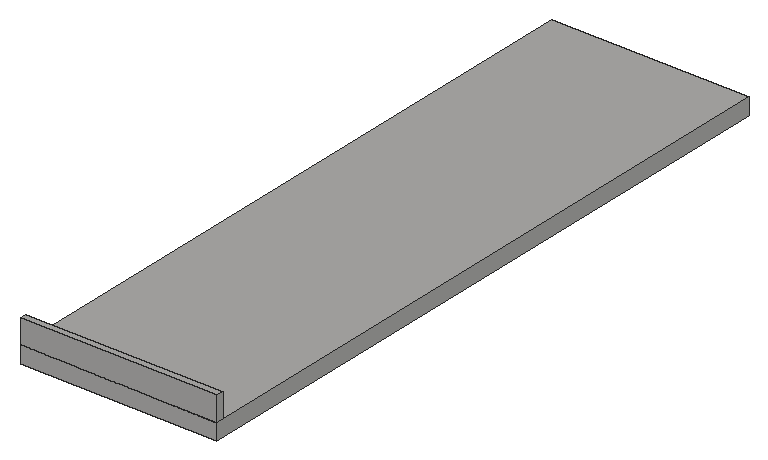
Revit family "Bancada_Lab_Seca_Pon", category Plumbing Fixtures, host Wall, Revit 2025
Family settings
  Host = Wall
  Round Connector Dimension = Use Diameter
  Part Type = Normal
  Enable Cutting in Views = No
  Always vertical = Yes
  Cut with Voids When Loaded = No
  Maintain Annotation Orientation = No
  Shared = No
  Room Calculation Point = Yes
Parameters (values of type "BAN_060x090_PON_SEC_LAB")
  Material_Bancada [instance] = CT_Bancadas_Labs
  Description = "Descrição do tipo"
  Default Elevation = 0.000 m
  Bancada_Profundidade = 0.600 m
  Bancada_Frente [instance] = 2.025 m
  Bancada_Altura = 0.900 m
Reference planes (m)
  plane 1: y = 0
  plane 2 "Back": y = 0.05
  plane 3: z = 0.9
  plane 4: x = -1.082628
  plane 5: x = -0.482628
  plane 6: y = 2.075
  plane 7: z = 0.85
  plane 8: z = 0.975
  plane 9: x = -0.782628
Forms (m)
  Extrusion 1, solid, material "CT_Bancadas_Labs" <- "Material_Bancada"
    sketch origin (0, 0, 0) x (1, 0, 0) y (0, 1, 0)
      loop
        line (-1.082628, 2.075) -> (-1.082628, 0.05) -> (-0.482628, 0.05) -> (-0.482628, 2.075) -> (-1.082628, 2.075)
    from 0.85 to 0.9
  Extrusion 2, solid, material "CT_Bancadas_Labs" <- "Material_Bancada"
    sketch origin (0, 0, 0) x (1, 0, 0) y (0, 1, 0)
      loop
        line (-1.082628, 0.05) -> (-0.482628, 0.05) -> (-0.482628, 0.07) -> (-1.082628, 0.07) -> (-1.082628, 0.05)
    from 0.9 to 0.975
Text (m)
  text "Frente" at (-1.787139, 0.59235, 0), in view "Ref. Level"
  text "Placement side" at (0, 1.827695, 2.917686), in view "Left"
  text "Placement side" at (0, 0.562268, 3.853606), in view "Right"
Dimensions and locks (m)
  locked: plane 2 "Back" to host wall
  "Bancada_Altura": level to plane 3
  "Bancada_Profundidade": plane 4 to plane 5
  plane 7 to plane 3 = 0.050 m
  "Bancada_Frente": plane 6 to plane 2 "Back"
  locked: plane 3 to plane 8 at 0.075
  locked: host wall to Extrusion 2 sketch curve at 0.02
  equal spacing: plane 4, plane 9, plane 5
  aligned and locked: plane 1 to host wall
  aligned and locked: Extrusion 1 sketch curve to plane 6
  aligned and locked: plane 4 to Extrusion 1 sketch curve
  aligned and locked: Extrusion 1 sketch curve to plane 2 "Back"
  aligned and locked: Extrusion 1 sketch curve to plane 5
  aligned and locked: plane 3 to Extrusion 1
  aligned and locked: Extrusion 1 to plane 7
  aligned and locked: plane 2 "Back" to Extrusion 2 sketch curve
  aligned and locked: plane 5 to Extrusion 2 sketch curve
  aligned and locked: Extrusion 2 sketch curve to plane 4
  aligned and locked: plane 8 to Extrusion 2
  aligned and locked: Extrusion 2 to plane 3
